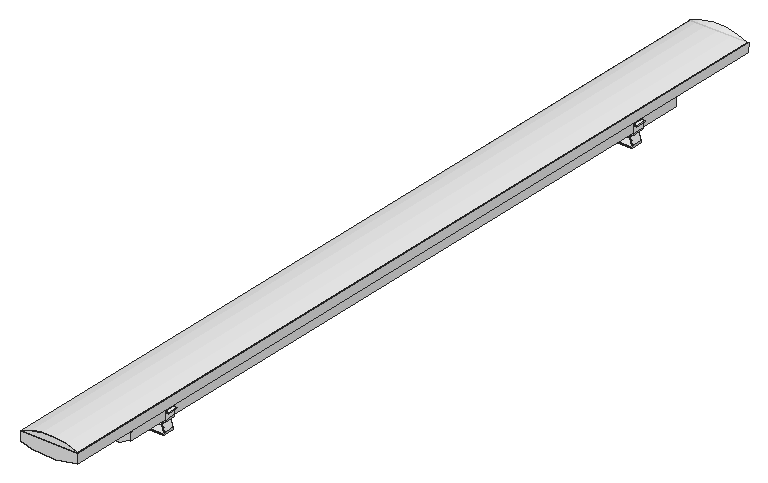
Revit family "Lighting-Industrial-GEWISS-SMART[3]PLUS-WATERTIGHT-LED_TRANSPARENT_MEDBEAM_1600mm", category Apparecchi per illuminazione, host Superficie, Revit 2019
Family settings
  Host = Superficie
  Quota connettore circolare = Usa diametro
  Tipo di parte = Normale
  Taglio con vuoti quando caricato = No
  Sorgente d'illuminazione = Sì
  Condiviso = No
  Punto di calcolo locali = No
Parameters (values of type "GWS3323AC957 - SMART3 PLUS 1600 T.W.DALI HE CONC 9 57")
  Working temperature = "-25 +50 °C"
  Weight (kg): = ""
  Wattage = 27 W
  Warranty = "5 years"
  Voltage = "220-240 V "
  Visibilità simbolo [instance] = yes
  Visibilità pianta [instance] = not(Visibilità simbolo)  # no
  Visibilità etichetta [instance] = yes
  Version file RFA = "20.0"
  Variazione temperatura colore lampada con luminosità attenuata = (empty or 0)
  URL = "https://www.gewiss.com/ww/en"
  Typology = "DALI"
  Type of light source = "LED - Not replaceable"
  Technical sheet = "https://www.gewiss.com/ww/en/search?q=GWS3323AC957"
  System power = "50 W"
  Shock resistance = "IK08"
  Shield type = "Transparent"
  SEO = "Ceiling"
  Realized by GEWISS S.p.A. = ""
  Operating temperature: = "-25 +50 °C"
  Numero poli = 2
  built-in parameter 1150107 = 5700 (stored number, unit not read)
  Struttura = GRIGIO
  Stampa 1_200 = no
  Stampa 1_100 = not(Stampa 1_200)  # yes
  Spostamento_Y_etichetta [instance] = 0 mm
  Spostamento_Y_effettivo_etichetta [instance] = 1500 mm - Spostamento_Y_etichetta  # 1500 mm
  Spostamento_X_etichetta [instance] = 0 mm
  Spostamento_X_effettivo_etichetta [instance] = 1500 mm - Spostamento_X_etichetta  # 1500 mm
  Schermo. = Led Acceso
  Default Elevation = 1219.2 mm
  Produttore = "GEWISS S.p.A."
  built-in parameter 1150110 = 1 (stored number, unit not read)
  built-in parameter 1150109 = 1 (stored number, unit not read)
  built-in parameter 1114218 = 1 (stored number, unit not read)
  built-in parameter 1150112 = 1 (stored number, unit not read)
  Nominal flux (lm) = ""
  No. LED (#) = ""
  Modello = "GWS3323AC957"
  built-in parameter 1150137 = (empty or 0)
  built-in parameter 1150132 = (empty or 0)
  Lunghezza Lampada = 1600 mm  # constant formula
  Lumen output (lm) = "5600"
  Length = "1600 mm"
  Lampada = "LED"
  Lamp = "LED"
  LED LifeTime (L80B20) = ""
  LED Life time (L80B50) = ""
  LED Life time (L70) = ""
  LED Life Time (L90B50) = ""
  built-in parameter 1150105 = 1406.7 (stored number, unit not read)
  built-in parameter 1150102 = (empty or 0)
  Insulation class = "II"
  Immagine tipo = GWS3280TS.jpg
  built-in parameter 1150106 = 14.067 (stored number, unit not read)
  IP degree = "IP66/IP69"
  IFC.TypeObject = ""
  IFC.ExportType = ""
  IFC.ExportAs = ""
  IDT = "fe96ae85-68db-4e0d-8c9b-145f0d7eb605"
  IDF = "c62d0f5f-3b46-4599-86a8-f38eb5caca3c"
  Glow Wire Test = "850°C"
  Ganci = Alluminio
  Lumens = 4010.63 lm
  Color Filter = 16777215
  File diagramma fotometrico = "GWS3323AC957.IES"
  built-in parameter 1114217 = 1 (stored number, unit not read)
  built-in parameter 1150139 = (empty or 0)
  Failure rate apparecchio (50.000h, Tq=25Â° C) = ""
  Failure rate apparecchio (35.000h, Tq=35Â° C) = ""
  Emetti da lunghezza linea = 1200 mm
  Electrocod = "2434"
  Efficiency class of integrated LEDs = "A ÷ A++"
  built-in parameter 1150104 = 13.8 (stored number, unit not read)
  EAN code = ""
  Driver type = ""
  built-in parameter 1150115 = 1 (stored number, unit not read)
  built-in parameter 1150114 = 1 (stored number, unit not read)
  built-in parameter 1150113 = 1 (stored number, unit not read)
  Device with reduced surface temperature = ""
  Descrizione = "SMART3 PLUS 1600 T.W.DALI HE CONC 9 57"
  Commenti sul wattaggio = "67W"
  Colour temperature: = "5700 K (CRI > 90)"
  Colour temperature = "5700 K (CRI > 90)"
  built-in parameter 1150134 = (empty or 0)
  built-in parameter 1150138 = (empty or 0)
  Catalogue Range = "SMART[3] PLUS"
  Catalogue = "LIGHTING"
  Carico apparente = 67 VA
  COBie.Tagnumber = ""
  COBie.CreatedOn = ""
  COBie.CreatebBy = ""
  COBie.ComponentRegisterItemID = ""
  COBie.Component.TagNumber = ""
  COBie.Component.Space = ""
  COBie.Component.SerialNumber = ""
  COBie.Component.InstallationDate = ""
  COBie.Component.Description = ""
  COBie.Component.BarCode = ""
  Application = "Indoor"
  Tilt Angle = -90.00°
  built-in parameter 1150133 = 10 (stored number, unit not read)
Types (24, lengths in mm): name | Typology | Technical sheet | System power | Modello | Lumen output (lm) | Immagine tipo | IDT | File diagramma fotometrico | Descrizione | Commenti sul wattaggio | Colour temperature: | Colour temperature | Carico apparente
  GWS3320AC840 - SMART3 PLUS 1600 ON/OFF HE CONC 8 40 | "" | "https://www.gewiss.com/ww/en/search?q=GWS3320AC840" | "46 W" | "GWS3320AC840" | "7100" | GWS3158T.jpg | "4e16074b-60fb-4690-891f-0d0e9b82759d" | "GWS3320AC840.IES" | "SMART3 PLUS 1600 ON/OFF HE CONC 8 40" | "26W" | "4000 K (CRI > 80)" | "4000 K (CRI > 80)" | 26 VA
  GWS3320AC857 - SMART3 PLUS 1600 ON/OFF HE CONC 8 57 | "" | "https://www.gewiss.com/ww/en/search?q=GWS3320AC857" | "46 W" | "GWS3320AC857" | "7100" | GWS3158T30K.jpg | "1bf7ec6a-44c7-4c5d-ba53-e58595a32ed7" | "GWS3320AC857.IES" | "SMART3 PLUS 1600 ON/OFF HE CONC 8 57" | "26W" | "5700 K (CRI > 80)" | "5700 K (CRI > 80)" | 26 VA
  GWS3320AC930 - SMART3 PLUS 1600 ON/OFF HE CONC 9 30 | "" | "https://www.gewiss.com/ww/en/search?q=GWS3320AC930" | "46 W" | "GWS3320AC930" | "5200" | GWS3158T57K.jpg | "23f2d587-7158-4430-a323-84fc0576cf1a" | "GWS3320AC930.IES" | "SMART3 PLUS 1600 ON/OFF HE CONC 9 30" | "26W" | "3000 K (CRI > 90)" | "3000 K (CRI > 90)" | 26 VA
  GWS3321AC940 - SMART3 PLUS 1600 DALI HE CONC 9 40 | "DALI" | "https://www.gewiss.com/ww/en/search?q=GWS3321AC940" | "50 W" | "GWS3321AC940" | "5600" | GWS3258T.jpg | "b3f93086-f2e0-4f74-b864-423c59267282" | "GWS3321AC940.IES" | "SMART3 PLUS 1600 DALI HE CONC 9 40" | "53W" | "4000 K (CRI > 90)" | "4000 K (CRI > 90)" | 53 VA
  GWS3321AC957 - SMART3 PLUS 1600 DALI HE CONC 9 57 | "DALI" | "https://www.gewiss.com/ww/en/search?q=GWS3321AC957" | "50 W" | "GWS3321AC957" | "5600" | GWS3258T30K.jpg | "823e744c-6d69-4963-9b1a-c0a7402dbd61" | "GWS3321AC957.IES" | "SMART3 PLUS 1600 DALI HE CONC 9 57" | "53W" | "5700 K (CRI > 90)" | "5700 K (CRI > 90)" | 53 VA
  GWS3322AC830 - SMART3 PLUS 1600 T.W.ON/OFF HE CONC 8 30 | "" | "https://www.gewiss.com/ww/en/search?q=GWS3322AC830" | "46 W" | "GWS3322AC830" | "6700" | GWS3258T57K.jpg | "1233350b-b1fb-4b20-afc7-75da49a887a7" | "GWS3322AC830.IES" | "SMART3 PLUS 1600 T.W.ON/OFF HE CONC 8 30" | "53W" | "3000 K (CRI > 80)" | "3000 K (CRI > 80)" | 53 VA
  GWS3320AC830 - SMART3 PLUS 1600 ON/OFF HE CONC 8 30 | "" | "https://www.gewiss.com/ww/en/search?q=GWS3320AC830" | "46 W" | "GWS3320AC830" | "6700" | GWS3158TD30K.jpg | "f4536279-1bcf-4009-b004-c63c99821f52" | "GWS3320AC830.IES" | "SMART3 PLUS 1600 ON/OFF HE CONC 8 30" | "27W" | "3000 K (CRI > 80)" | "3000 K (CRI > 80)" | 27 VA
  GWS3320AC940 - SMART3 PLUS 1600 ON/OFF HE CONC 9 40 | "" | "https://www.gewiss.com/ww/en/search?q=GWS3320AC940" | "46 W" | "GWS3320AC940" | "5600" | GWS3158TD57K.jpg | "98d6cfbe-c4a6-4467-b266-d8ce91186416" | "GWS3320AC940.IES" | "SMART3 PLUS 1600 ON/OFF HE CONC 9 40" | "27W" | "4000 K (CRI > 90)" | "4000 K (CRI > 90)" | 27 VA
  GWS3320AC957 - SMART3 PLUS 1600 ON/OFF HE CONC 9 57 | "" | "https://www.gewiss.com/ww/en/search?q=GWS3320AC957" | "46 W" | "GWS3320AC957" | "5600" | GWS3158TL.jpg | "705f1d17-92fb-441e-82f4-367028547a17" | "GWS3320AC957.IES" | "SMART3 PLUS 1600 ON/OFF HE CONC 9 57" | "26W" | "5700 K (CRI > 90)" | "5700 K (CRI > 90)" | 26 VA
  GWS3321AC830 - SMART3 PLUS 1600 DALI HE CONC 8 30 | "DALI" | "https://www.gewiss.com/ww/en/search?q=GWS3321AC830" | "50 W" | "GWS3321AC830" | "6700" | GWS3158TL30K.jpg | "30e943eb-e46e-49db-b2c9-d91c92d65eef" | "GWS3321AC830.IES" | "SMART3 PLUS 1600 DALI HE CONC 8 30" | "26W" | "3000 K (CRI > 80)" | "3000 K (CRI > 80)" | 26 VA
  GWS3321AC840 - SMART3 PLUS 1600 DALI HE CONC 8 40 | "DALI" | "https://www.gewiss.com/ww/en/search?q=GWS3321AC840" | "50 W" | "GWS3321AC840" | "7100" | GWS3158TL57K.jpg | "f243e9e6-84c5-4744-819b-73345a161741" | "GWS3321AC840.IES" | "SMART3 PLUS 1600 DALI HE CONC 8 40" | "26W" | "4000 K (CRI > 80)" | "4000 K (CRI > 80)" | 26 VA
  GWS3321AC857 - SMART3 PLUS 1600 DALI HE CONC 8 57 | "DALI" | "https://www.gewiss.com/ww/en/search?q=GWS3321AC857" | "50 W" | "GWS3321AC857" | "7100" | GWS3158TLD30K.jpg | "f6e276b5-1a50-4d90-8035-20a7eceaa9a5" | "GWS3321AC857.IES" | "SMART3 PLUS 1600 DALI HE CONC 8 57" | "27W" | "5700 K (CRI > 80)" | "5700 K (CRI > 80)" | 27 VA
  GWS3321AC930 - SMART3 PLUS 1600 DALI HE CONC 9 30 | "DALI" | "https://www.gewiss.com/ww/en/search?q=GWS3321AC930" | "50 W" | "GWS3321AC930" | "5200" | GWS3158TLD57K.jpg | "f82b7efc-87bb-4fb3-bee2-7bb052999ee6" | "GWS3321AC930.IES" | "SMART3 PLUS 1600 DALI HE CONC 9 30" | "27W" | "3000 K (CRI > 90)" | "3000 K (CRI > 90)" | 27 VA
  GWS3322AC840 - SMART3 PLUS 1600 T.W.ON/OFF HE CONC 8 40 | "" | "https://www.gewiss.com/ww/en/search?q=GWS3322AC840" | "46 W" | "GWS3322AC840" | "7100" | GWS3258TD.jpg | "be14488f-855e-4818-86ca-65e7f73571af" | "GWS3322AC840.IES" | "SMART3 PLUS 1600 T.W.ON/OFF HE CONC 8 40" | "55W" | "4000 K (CRI > 80)" | "4000 K (CRI > 80)" | 55 VA
  GWS3322AC857 - SMART3 PLUS 1600 T.W.ON/OFF HE CONC 8 57 | "" | "https://www.gewiss.com/ww/en/search?q=GWS3322AC857" | "46 W" | "GWS3322AC857" | "7100" | GWS3258T30K.jpg | "9414476c-6529-4531-8c29-bc4b5b113ca3" | "GWS3322AC857.IES" | "SMART3 PLUS 1600 T.W.ON/OFF HE CONC 8 57" | "55W" | "5700 K (CRI > 80)" | "5700 K (CRI > 80)" | 55 VA
  GWS3322AC930 - SMART3 PLUS 1600 T.W.ON/OFF HE CONC 9 30 | "" | "https://www.gewiss.com/ww/en/search?q=GWS3322AC930" | "46 W" | "GWS3322AC930" | "5200" | GWS3258TD57K.jpg | "c36ab153-bb7c-4d35-8056-4b9748bd378a" | "GWS3322AC930.IES" | "SMART3 PLUS 1600 T.W.ON/OFF HE CONC 9 30" | "55W" | "3000 K (CRI > 90)" | "3000 K (CRI > 90)" | 55 VA
  GWS3322AC940 - SMART3 PLUS 1600 T.W.ON/OFF HE CONC 9 40 | "" | "https://www.gewiss.com/ww/en/search?q=GWS3322AC940" | "46 W" | "GWS3322AC940" | "5600" | GWS3258TL.jpg | "e207dd90-b96c-4722-bafa-51740af9791e" | "GWS3322AC940.IES" | "SMART3 PLUS 1600 T.W.ON/OFF HE CONC 9 40" | "53W" | "4000 K (CRI > 90)" | "4000 K (CRI > 90)" | 53 VA
  GWS3322AC957 - SMART3 PLUS 1600 T.W.ON/OFF HE CONC 9 57 | "" | "https://www.gewiss.com/ww/en/search?q=GWS3322AC957" | "46 W" | "GWS3322AC957" | "5600" | GWS3258TL30K.jpg | "773f8e68-e5c0-40fc-bc8d-466515a8a829" | "GWS3322AC957.IES" | "SMART3 PLUS 1600 T.W.ON/OFF HE CONC 9 57" | "53W" | "5700 K (CRI > 90)" | "5700 K (CRI > 90)" | 53 VA
  GWS3323AC830 - SMART3 PLUS 1600 T.W.DALI HE CONC 8 30 | "DALI" | "https://www.gewiss.com/ww/en/search?q=GWS3323AC830" | "50 W" | "GWS3323AC830" | "6700" | GWS3258TL57K.jpg | "62626453-421f-4449-b479-211cf15c01fc" | "GWS3323AC830.IES" | "SMART3 PLUS 1600 T.W.DALI HE CONC 8 30" | "53W" | "3000 K (CRI > 80)" | "3000 K (CRI > 80)" | 53 VA
  GWS3323AC840 - SMART3 PLUS 1600 T.W.DALI HE CONC 8 40 | "DALI" | "https://www.gewiss.com/ww/en/search?q=GWS3323AC840" | "50 W" | "GWS3323AC840" | "7100" | GWS3258TLD.jpg | "0717f1f1-4297-4cd3-8cf5-39d9f5ccd41d" | "GWS3323AC840.IES" | "SMART3 PLUS 1600 T.W.DALI HE CONC 8 40" | "55W" | "4000 K (CRI > 80)" | "4000 K (CRI > 80)" | 55 VA
  GWS3323AC857 - SMART3 PLUS 1600 T.W.DALI HE CONC 8 57 | "DALI" | "https://www.gewiss.com/ww/en/search?q=GWS3323AC857" | "50 W" | "GWS3323AC857" | "7100" | GWS3258TLD30K.jpg | "d92ed2e6-739f-4b50-8fb0-7e942a6f287a" | "GWS3323AC857.IES" | "SMART3 PLUS 1600 T.W.DALI HE CONC 8 57" | "55W" | "5700 K (CRI > 80)" | "5700 K (CRI > 80)" | 55 VA
  GWS3323AC930 - SMART3 PLUS 1600 T.W.DALI HE CONC 9 30 | "DALI" | "https://www.gewiss.com/ww/en/search?q=GWS3323AC930" | "50 W" | "GWS3323AC930" | "5200" | GWS3258TLD57K.jpg | "cd2abaf8-a74e-41aa-952f-931abff1497a" | "GWS3323AC930.IES" | "SMART3 PLUS 1600 T.W.DALI HE CONC 9 30" | "55W" | "3000 K (CRI > 90)" | "3000 K (CRI > 90)" | 55 VA
  GWS3323AC957 - SMART3 PLUS 1600 T.W.DALI HE CONC 9 57 | "DALI" | "https://www.gewiss.com/ww/en/search?q=GWS3323AC957" | "50 W" | "GWS3323AC957" | "5600" | GWS3280TS.jpg | "fe96ae85-68db-4e0d-8c9b-145f0d7eb605" | "GWS3323AC957.IES" | "SMART3 PLUS 1600 T.W.DALI HE CONC 9 57" | "67W" | "5700 K (CRI > 90)" | "5700 K (CRI > 90)" | 67 VA
  GWS3323AC940 - SMART3 PLUS 1600 T.W.DALI HE CONC 9 40 | "DALI" | "https://www.gewiss.com/ww/en/search?q=GWS3323AC940" | "50 W" | "GWS3323AC940" | "5600" | GWS3280TLS.jpg | "114261b1-8064-41c7-9b2b-b83ab15bb760" | "GWS3323AC940.IES" | "SMART3 PLUS 1600 T.W.DALI HE CONC 9 40" | "67W" | "4000 K (CRI > 90)" | "4000 K (CRI > 90)" | 67 VA
Reference planes
  plane 1 "Centro (Fronte/Retro)": y = 0
  plane 2: z = 0
  plane 3 "Centro (Sinistra/Destra)": x = 0
  plane 4: x = -1500
  plane 5: y = -1500
  plane 6: x = 0
  plane 7: y = 0
Forms (mm)
  Extrusion 1, solid, material "Alluminio" <- "Ganci", detail levels medium+fine
    sketch origin (0, 0, 0) x (1, 0, 0) y (0, 0, 1)
      loop
        arc (31.431, -0.002) -> (34.576, 1.589) -> (35.156, 5.066) r 3.903
        line (35.156, 5.066) -> (29.612, 23.211)
        arc (29.612, 23.211) -> (29.883, 24.381) -> (31.032, 24.73) r 1.2
        line (31.032, 24.73) -> (34.307, 23.974)
        arc (34.307, 23.974) -> (36.765, 24.53) -> (37.859, 26.8) r 2.9
        line (37.859, 26.8) -> (37.859, 38.8)
        arc (37.859, 38.8) -> (37.648, 39.694) -> (37.059, 40.4) r 2
        line (37.059, 40.4) -> (37.059, 42.71) -> (42.861, 40.598) -> (43.203, 41.538) -> (37.53, 43.603)
        arc (37.53, 43.603) -> (37.019, 43.613) -> (36.605, 43.311) r 0.8
        line (36.605, 43.311) -> (36.306, 26.139)
        arc (36.306, 26.139) -> (35.6, 25.444) -> (34.616, 25.34) r 1.5
        line (34.616, 25.34) -> (31.344, 26.095)
        arc (31.344, 26.095) -> (28.858, 25.335) -> (28.273, 22.802) r 2.6
        line (28.273, 22.802) -> (33.827, 4.636)
        arc (33.827, 4.636) -> (33.449, 2.415) -> (31.438, 1.4) r 2.5
        line (31.438, 1.4) -> (-31.437, 1.4)
        arc (-31.437, 1.4) -> (-33.449, 2.415) -> (-33.827, 4.636) r 2.5
        line (-33.827, 4.636) -> (-28.273, 22.802)
        arc (-28.273, 22.802) -> (-28.858, 25.335) -> (-31.344, 26.095) r 2.6
        line (-31.344, 26.095) -> (-34.616, 25.34)
        arc (-34.616, 25.34) -> (-35.6, 25.444) -> (-36.306, 26.139) r 1.5
        line (-36.306, 26.139) -> (-36.605, 43.311)
        arc (-36.605, 43.311) -> (-37.019, 43.613) -> (-37.53, 43.603) r 0.8
        line (-37.53, 43.603) -> (-43.203, 41.538) -> (-42.861, 40.598) -> (-37.059, 42.71) -> (-37.059, 40.4)
        arc (-37.059, 40.4) -> (-37.648, 39.694) -> (-37.859, 38.8) r 2
        line (-37.859, 38.8) -> (-37.859, 26.8)
        arc (-37.859, 26.8) -> (-36.765, 24.53) -> (-34.307, 23.974) r 2.9
        line (-34.307, 23.974) -> (-31.032, 24.73)
        arc (-31.032, 24.73) -> (-29.883, 24.381) -> (-29.612, 23.211) r 1.2
        line (-29.612, 23.211) -> (-35.156, 5.066)
        arc (-35.156, 5.066) -> (-34.576, 1.589) -> (-31.431, -0.002) r 3.903
        line (-31.431, -0.002) -> (31.431, -0.002)
    from 548.766 to 568.766
  Extrusion 2, solid, material "Alluminio" <- "Ganci", detail levels medium+fine
    sketch origin (0, 0, 0) x (1, 0, 0) y (0, 0, -1)
      loop
        line (31.431, 0.002) -> (-31.431, 0.002)
        arc (-31.431, 0.002) -> (-34.576, -1.589) -> (-35.156, -5.066) r 3.903
        line (-35.156, -5.066) -> (-29.612, -23.211)
        arc (-29.612, -23.211) -> (-29.883, -24.381) -> (-31.032, -24.73) r 1.2
        line (-31.032, -24.73) -> (-34.307, -23.974)
        arc (-34.307, -23.974) -> (-36.765, -24.53) -> (-37.859, -26.8) r 2.9
        line (-37.859, -26.8) -> (-37.859, -38.8)
        arc (-37.859, -38.8) -> (-37.648, -39.694) -> (-37.059, -40.4) r 2
        line (-37.059, -40.4) -> (-37.059, -42.71) -> (-42.861, -40.598) -> (-43.203, -41.538) -> (-37.53, -43.603)
        arc (-37.53, -43.603) -> (-37.019, -43.613) -> (-36.605, -43.311) r 0.8
        line (-36.605, -43.311) -> (-36.306, -26.139)
        arc (-36.306, -26.139) -> (-35.6, -25.444) -> (-34.616, -25.34) r 1.5
        line (-34.616, -25.34) -> (-31.344, -26.095)
        arc (-31.344, -26.095) -> (-28.858, -25.335) -> (-28.273, -22.802) r 2.6
        line (-28.273, -22.802) -> (-33.827, -4.636)
        arc (-33.827, -4.636) -> (-33.449, -2.415) -> (-31.437, -1.4) r 2.5
        line (-31.437, -1.4) -> (31.438, -1.4)
        arc (31.438, -1.4) -> (33.449, -2.415) -> (33.827, -4.636) r 2.5
        line (33.827, -4.636) -> (28.273, -22.802)
        arc (28.273, -22.802) -> (28.858, -25.335) -> (31.344, -26.095) r 2.6
        line (31.344, -26.095) -> (34.616, -25.34)
        arc (34.616, -25.34) -> (35.6, -25.444) -> (36.306, -26.139) r 1.5
        line (36.306, -26.139) -> (36.605, -43.311)
        arc (36.605, -43.311) -> (37.019, -43.613) -> (37.53, -43.603) r 0.8
        line (37.53, -43.603) -> (43.203, -41.538) -> (42.861, -40.598) -> (37.059, -42.71) -> (37.059, -40.4)
        arc (37.059, -40.4) -> (37.648, -39.694) -> (37.859, -38.8) r 2
        line (37.859, -38.8) -> (37.859, -26.8)
        arc (37.859, -26.8) -> (36.765, -24.53) -> (34.307, -23.974) r 2.9
        line (34.307, -23.974) -> (31.032, -24.73)
        arc (31.032, -24.73) -> (29.883, -24.381) -> (29.612, -23.211) r 1.2
        line (29.612, -23.211) -> (35.156, -5.066)
        arc (35.156, -5.066) -> (34.576, -1.589) -> (31.431, 0.002) r 3.903
    from 548.766 to 568.766
  Extrusion 3, solid, material "GRIGIO" <- "Struttura", detail levels medium+fine
    sketch origin (0, 0, 0) x (1, 0, 0) y (0, 0, 1)
      loop
        line (-36.331, 55.757) -> (-35.847, 28.018)
        arc (-35.847, 28.018) -> (-33.139, 27.27) -> (-30.416, 26.58) r 129.5
        arc (-30.416, 26.58) -> (-28.066, 25.76) -> (-25.915, 24.506) r 13
        arc (-25.915, 24.506) -> (-24.23, 23.324) -> (-22.521, 22.178) r 99.5
        arc (-22.521, 22.178) -> (-16.401, 19.063) -> (-9.748, 17.365) r 31.146
        line (-9.748, 17.365) -> (12.491, 17.365)
        arc (12.491, 17.365) -> (17.822, 19.098) -> (22.764, 21.745) r 31.646
        arc (22.764, 21.745) -> (24.509, 22.915) -> (26.228, 24.122) r 100
        arc (26.228, 24.122) -> (28.283, 25.313) -> (30.525, 26.095) r 12.5
        arc (30.525, 26.095) -> (33.437, 26.834) -> (36.332, 27.64) r 130
        line (36.332, 27.64) -> (36.824, 55.851)
        arc (36.824, 55.851) -> (24.914, 53.937) -> (12.909, 52.764) r 195.047
        line (12.909, 52.764) -> (-12.909, 52.764)
        arc (-12.909, 52.764) -> (-24.665, 53.905) -> (-36.331, 55.757) r 195.047
    from -650 to 650
  Extrusion 4, solid, material "GRIGIO" <- "Struttura", detail levels medium+fine
    sketch origin (0, 0, 0) x (1, 0, 0) y (0, 0, 1)
      loop
        line (54.725, 60.184) -> (55.177, 77.445) -> (-55.177, 77.445) -> (-54.725, 60.184)
        arc (-54.725, 60.184) -> (-34.019, 55.332) -> (-12.909, 52.764) r 195.047
        line (-12.909, 52.764) -> (12.909, 52.764)
        arc (12.909, 52.764) -> (34.019, 55.332) -> (54.725, 60.184) r 195.047
    from -800 to 800
  Extrusion 5, solid, material "Led Acceso" <- "Schermo.", detail levels medium+fine
    sketch origin (0, 0, 0) x (1, 0, 0) y (0, 0, 1)
      loop
        arc (54.697, 78.441) -> (-0.014, 90.457) -> (-54.723, 78.429) r 130.5
        arc (-54.723, 78.429) -> (-54.988, 77.838) -> (-54.5, 77.445) r 0.5
        line (-54.5, 77.445) -> (54.479, 77.445)
        arc (54.479, 77.445) -> (54.988, 77.855) -> (54.697, 78.441) r 0.522
    from -800 to 800
  Extrusion 6, solid, material "GRIGIO" <- "Struttura", detail levels coarse
    sketch origin (0, 0, 0) x (1, 0, 0) y (0, 0, 1)
      loop
        line (-54.5, 90.439) -> (-54.5, 0) -> (54.5, 0) -> (54.5, 90.439) -> (-54.5, 90.439)
    from -800 to 800
Lines and regions (mm)
  Masking region 1, visible <- "Visibilità pianta"
    outline origin (0, 0, 0) x (1, 0, 0) y (0, 1, 0)
      loop
        line (-55.177, 800) -> (-55.177, -800) -> (55.177, -800) -> (55.177, 800) -> (-55.177, 800)
  model lines, style "GEWISS - LIGHT 2D", not visible, detail levels medium+fine
    curve 1: arc (599.156, 237.359, 0) -> (604.568, 231.947, 0) -> (609.98, 237.359, 0) r 5.412
    curve 6: arc (581.804, 237.359, 0) -> (582.83, 230.601, 0) -> (585.816, 224.453, 0) r 22.764
    curve 7: arc (623.32, 224.453, 0) -> (626.306, 230.601, 0) -> (627.332, 237.359, 0) r 22.764
    curve 8: arc (609.98, -154.35, 0) -> (604.568, -148.937, 0) -> (599.156, -154.35, 0) r 5.412
    curve 14: arc (585.816, -141.444, 0) -> (582.83, -147.592, 0) -> (581.804, -154.35, 0) r 22.764
    curve 15: arc (627.332, -154.35, 0) -> (626.306, -147.592, 0) -> (623.32, -141.444, 0) r 22.764
    curve 22: line (581.804, 248.502, 0) -> (581.804, 237.359, 0)
    curve 23: line (581.804, 237.359, 0) -> (599.156, 237.359, 0)
    curve 24: line (599.156, 237.359, 0) -> (599.156, 248.502, 0)
    curve 25: line (599.156, 256.809, 0) -> (599.156, 262.193, 0)
    curve 26: line (609.98, 248.502, 0) -> (609.98, 237.359, 0)
    curve 27: line (609.98, 237.359, 0) -> (627.332, 237.359, 0)
    curve 28: line (627.332, 237.359, 0) -> (627.332, 248.502, 0)
    curve 39: line (581.804, -154.35, 0) -> (581.804, -165.498, 0)
    curve 40: line (581.804, -165.498, 0) -> (581.804, -154.35, 0)
    curve 41: line (581.804, -154.35, 0) -> (599.156, -154.35, 0)
    curve 42: line (599.156, -154.35, 0) -> (599.156, -165.498, 0)
    curve 43: line (609.98, -165.498, 0) -> (609.98, -154.35, 0)
    curve 44: line (609.98, -154.35, 0) -> (627.332, -154.35, 0)
    curve 45: line (627.332, -154.35, 0) -> (627.332, -165.498, 0)
    curve 46: line (627.332, -165.498, 0) -> (627.332, -154.35, 0)
    curve 47: line (609.98, -179.249, 0) -> (609.98, -173.749, 0)
    curve 50: line (599.156, -179.191, 0) -> (599.156, -173.807, 0)
    curve 94: circle (617.836, 259.501, 0) r 1.5 normal (0, 0, 1)
    curve 95: circle (591.836, 259.501, 0) r 1.5 normal (0, 0, 1)
    curve 96: arc (610.218, 256.751, 0) -> (612.968, 259.501, 0) -> (610.218, 262.251, 0) r 2.75
    curve 97: arc (599.718, 262.251, 0) -> (596.968, 259.501, 0) -> (599.718, 256.751, 0) r 2.75
    curve 102: circle (617.836, -176.499, 0) r 1.5 normal (0, 0, 1)
    curve 103: circle (591.836, -176.499, 0) r 1.5 normal (0, 0, 1)
    curve 104: arc (610.218, -179.249, 0) -> (612.968, -176.499, 0) -> (610.218, -173.749, 0) r 2.75
    curve 105: arc (599.718, -173.749, 0) -> (596.968, -176.499, 0) -> (599.718, -179.249, 0) r 2.75
    curve 184: line (599.718, 262.251, 0) -> (610.218, 262.251, 0)
    curve 185: line (599.718, 256.751, 0) -> (610.218, 256.751, 0)
    curve 194: line (599.718, -173.749, 0) -> (610.218, -173.749, 0)
    curve 195: line (599.718, -179.249, 0) -> (610.218, -179.249, 0)
    curve 214: line (604.568, 230.323, 0) -> (604.568, 244.394, 0)
    curve 215: line (611.603, 237.359, 0) -> (597.532, 237.359, 0)
    curve 216: line (604.568, -161.385, 0) -> (604.568, -147.314, 0)
    curve 217: line (611.603, -154.35, 0) -> (597.532, -154.35, 0)
    curve 223: line (617.836, 257.551, 0) -> (617.836, 261.451, 0)
    curve 224: line (619.786, 259.501, 0) -> (615.886, 259.501, 0)
    curve 225: line (591.836, 257.551, 0) -> (591.836, 261.451, 0)
    curve 226: line (593.786, 259.501, 0) -> (589.886, 259.501, 0)
    curve 227: line (603.293, 259.501, 0) -> (596.143, 259.501, 0)
    curve 228: line (610.218, 255.926, 0) -> (610.218, 263.076, 0)
    curve 229: line (613.793, 259.501, 0) -> (606.643, 259.501, 0)
    curve 230: line (617.836, -178.449, 0) -> (617.836, -174.549, 0)
    curve 231: line (619.786, -176.499, 0) -> (615.886, -176.499, 0)
    curve 232: line (591.836, -178.449, 0) -> (591.836, -174.549, 0)
    curve 233: line (593.786, -176.499, 0) -> (589.886, -176.499, 0)
    curve 234: line (599.718, -180.074, 0) -> (599.718, -172.924, 0)
    curve 235: line (603.293, -176.499, 0) -> (596.143, -176.499, 0)
    curve 236: line (610.218, -180.074, 0) -> (610.218, -172.924, 0)
    curve 237: line (613.793, -176.499, 0) -> (606.643, -176.499, 0)
    curve 238: arc (585.816, 224.453, 0) -> (604.568, 218.168, 0) -> (623.32, 224.453, 0) r 31.118
    curve 239: arc (623.32, -141.444, 0) -> (604.568, -135.159, 0) -> (585.816, -141.444, 0) r 31.118
  model lines, style "GEWISS - LIGHT 2D", not visible
    curve 2: arc (642.177, 315.223, 0) -> (641.755, 316.267, 0) -> (640.725, 316.723, 0) r 1.499
    curve 3: arc (640.726, -233.714, 0) -> (641.755, -233.258, 0) -> (642.177, -232.214, 0) r 1.499
    curve 4: arc (568.41, 316.723, 0) -> (567.381, 316.267, 0) -> (566.959, 315.223, 0) r 1.499
    curve 5: arc (566.959, -232.214, 0) -> (567.38, -233.258, 0) -> (568.409, -233.714, 0) r 1.499
    curve 16: line (568.41, 316.723, 0) -> (592.409, 317.119, 0)
    curve 17: line (592.409, 317.119, 0) -> (595.819, 317.196, 0)
    curve 18: line (595.819, 317.196, 0) -> (604.587, 317.348, 0)
    curve 19: line (604.587, 317.348, 0) -> (613.319, 317.196, 0)
    curve 20: line (613.319, 317.196, 0) -> (616.729, 317.119, 0)
    curve 21: line (616.729, 317.119, 0) -> (640.725, 316.723, 0)
    curve 29: line (568.409, -233.714, 0) -> (604.582, -234.348, 0)
    curve 30: line (604.582, -234.348, 0) -> (640.726, -233.714, 0)
    curve 31: line (642.177, -187.498, 0) -> (642.177, -232.214, 0)
    curve 32: line (642.177, 248.502, 0) -> (642.177, -165.498, 0)
    curve 33: line (642.177, 315.223, 0) -> (642.177, 270.502, 0)
    curve 34: line (566.959, 315.223, 0) -> (566.959, 270.502, 0)
    curve 35: line (566.959, 248.502, 0) -> (566.959, -165.498, 0)
    curve 36: line (566.959, -187.498, 0) -> (566.959, -232.214, 0)
    curve 37: line (604.549, -234.347, 0) -> (604.569, -233.348, 0)
    curve 38: line (604.569, -233.348, 0) -> (604.549, -234.347, 0)
    curve 48: line (609.989, -233.253, 0) -> (609.98, -232.753, 0)
    curve 49: line (609.98, -232.753, 0) -> (609.98, -187.498, 0)
    curve 51: line (599.147, -233.253, 0) -> (599.156, -232.753, 0)
    curve 52: line (599.156, -232.753, 0) -> (599.156, -187.498, 0)
    curve 53: line (604.568, -232.848, 0) -> (604.569, -233.348, 0)
    curve 54: line (604.569, -233.348, 0) -> (604.568, -232.848, 0)
    curve 69: arc (658.224, 441.447, 0) -> (657.902, 441.529, 0) -> (657.571, 441.558, 0) r 1.999
    curve 71: arc (659.744, 439.503, 0) -> (659.172, 440.906, 0) -> (657.781, 441.505, 0) r 1.998
    curve 72: arc (549.391, -356.494, 0) -> (549.963, -357.897, 0) -> (551.356, -358.495, 0) r 1.998
    curve 98: spline (648.539, 268.506, 0) -> (648.523, 268.767, 0) -> (648.475, 269.023, 0) -> (648.396, 269.27, 0) -> (648.287, 269.504, 0) -> (648.151, 269.721, 0) -> (647.989, 269.918, 0) -> (647.804, 270.09, 0) -> (647.599, 270.235, 0) -> (647.379, 270.35, 0) -> (647.146, 270.434, 0) -> (646.905, 270.485, 0) -> (646.66, 270.502, 0)
    curve 99: spline (646.66, 248.502, 0) -> (646.905, 248.519, 0) -> (647.146, 248.57, 0) -> (647.379, 248.654, 0) -> (647.599, 248.77, 0) -> (647.804, 248.916, 0) -> (647.989, 249.089, 0) -> (648.151, 249.286, 0) -> (648.287, 249.504, 0) -> (648.396, 249.739, 0) -> (648.475, 249.987, 0) -> (648.523, 250.245, 0) -> (648.539, 250.506, 0)
    curve 100: spline (561.397, 250.501, 0) -> (561.413, 250.24, 0) -> (561.461, 249.984, 0) -> (561.54, 249.736, 0) -> (561.648, 249.502, 0) -> (561.785, 249.284, 0) -> (561.947, 249.087, 0) -> (562.132, 248.915, 0) -> (562.336, 248.77, 0) -> (562.557, 248.654, 0) -> (562.79, 248.57, 0) -> (563.031, 248.519, 0) -> (563.276, 248.502, 0)
    curve 101: spline (563.276, 270.502, 0) -> (563.031, 270.485, 0) -> (562.79, 270.434, 0) -> (562.557, 270.35, 0) -> (562.336, 270.234, 0) -> (562.132, 270.089, 0) -> (561.947, 269.916, 0) -> (561.785, 269.72, 0) -> (561.648, 269.502, 0) -> (561.54, 269.267, 0) -> (561.461, 269.019, 0) -> (561.413, 268.763, 0) -> (561.397, 268.502, 0)
    curve 106: spline (648.539, -167.494, 0) -> (648.523, -167.233, 0) -> (648.475, -166.977, 0) -> (648.396, -166.73, 0) -> (648.287, -166.496, 0) -> (648.151, -166.279, 0) -> (647.989, -166.083, 0) -> (647.804, -165.911, 0) -> (647.599, -165.766, 0) -> (647.379, -165.65, 0) -> (647.146, -165.566, 0) -> (646.905, -165.515, 0) -> (646.66, -165.498, 0)
    curve 107: spline (646.66, -187.498, 0) -> (646.905, -187.481, 0) -> (647.146, -187.43, 0) -> (647.379, -187.346, 0) -> (647.599, -187.23, 0) -> (647.804, -187.084, 0) -> (647.989, -186.911, 0) -> (648.151, -186.714, 0) -> (648.287, -186.496, 0) -> (648.396, -186.261, 0) -> (648.475, -186.012, 0) -> (648.523, -185.755, 0) -> (648.539, -185.494, 0)
    curve 108: spline (561.397, -185.499, 0) -> (561.413, -185.76, 0) -> (561.461, -186.016, 0) -> (561.54, -186.264, 0) -> (561.648, -186.498, 0) -> (561.785, -186.716, 0) -> (561.947, -186.912, 0) -> (562.132, -187.085, 0) -> (562.336, -187.23, 0) -> (562.557, -187.346, 0) -> (562.79, -187.43, 0) -> (563.031, -187.481, 0) -> (563.276, -187.498, 0)
    curve 109: spline (563.276, -165.498, 0) -> (563.031, -165.516, 0) -> (562.79, -165.567, 0) -> (562.557, -165.651, 0) -> (562.336, -165.766, 0) -> (562.132, -165.912, 0) -> (561.947, -166.084, 0) -> (561.785, -166.281, 0) -> (561.648, -166.499, 0) -> (561.54, -166.733, 0) -> (561.461, -166.981, 0) -> (561.413, -167.238, 0) -> (561.397, -167.499, 0)
    curve 110: arc (657.245, -358.546, 0) -> (659.012, -357.814, 0) -> (659.745, -356.046, 0) r 2.5
    curve 111: arc (551.891, 441.558, 0) -> (550.123, 440.825, 0) -> (549.391, 439.058, 0) r 2.5
    curve 142: line (657.571, 441.558, 0) -> (604.567, 441.558, 0)
    curve 143: line (604.567, 441.558, 0) -> (551.891, 441.558, 0)
    curve 144: line (551.356, -358.495, 0) -> (604.568, -358.495, 0)
    curve 145: line (604.568, -358.495, 0) -> (657.245, -358.495, 0)
    curve 157: line (599.147, -233.253, 0) -> (604.569, -233.348, 0)
    curve 158: line (604.569, -233.348, 0) -> (609.989, -233.253, 0)
    curve 159: line (659.745, -356.046, 0) -> (659.745, 439.503, 0)
    curve 160: line (657.781, 441.505, 0) -> (604.567, 441.505, 0)
    curve 161: line (549.391, -356.494, 0) -> (549.391, 439.058, 0)
    curve 186: line (642.696, 270.501, 0) -> (642.427, 270.501, 0)
    curve 187: line (563.481, 270.502, 0) -> (563.276, 270.502, 0)
    curve 188: line (563.276, 270.502, 0) -> (646.454, 270.502, 0)
    curve 189: line (646.454, 270.502, 0) -> (646.66, 270.502, 0)
    curve 190: line (563.481, 248.502, 0) -> (563.276, 248.502, 0)
    curve 191: line (646.454, 248.502, 0) -> (646.66, 248.502, 0)
    curve 192: line (648.539, 250.506, 0) -> (648.539, 268.506, 0)
    curve 193: line (561.397, 250.501, 0) -> (561.397, 268.501, 0)
    curve 196: line (646.66, -165.498, 0) -> (646.454, -165.498, 0)
    curve 197: line (646.454, -165.498, 0) -> (642.696, -165.498, 0)
    curve 198: line (642.696, -165.498, 0) -> (642.427, -165.498, 0)
    curve 199: line (642.427, -165.498, 0) -> (639.905, -165.498, 0)
    curve 200: line (639.905, -165.498, 0) -> (636.805, -165.498, 0)
    curve 201: line (636.805, -165.498, 0) -> (573.13, -165.498, 0)
    curve 202: line (573.13, -165.498, 0) -> (570.031, -165.498, 0)
    curve 203: line (570.031, -165.498, 0) -> (567.508, -165.498, 0)
    curve 204: line (567.508, -165.498, 0) -> (567.24, -165.498, 0)
    curve 205: line (567.24, -165.498, 0) -> (563.481, -165.498, 0)
    curve 206: line (563.481, -165.498, 0) -> (563.276, -165.498, 0)
    curve 207: line (563.276, -187.498, 0) -> (563.481, -187.498, 0)
    curve 208: line (563.481, -187.498, 0) -> (646.454, -187.498, 0)
    curve 209: line (646.454, -187.498, 0) -> (646.66, -187.498, 0)
    curve 210: line (642.696, -187.499, 0) -> (642.427, -187.499, 0)
    curve 211: line (648.539, -185.494, 0) -> (648.539, -167.494, 0)
    curve 212: line (561.397, -185.499, 0) -> (561.397, -167.499, 0)
    curve 219: line (604.569, 276.529, 0) -> (604.569, -193.52, 0)
    curve 240: line (646.454, 248.502, 0) -> (563.276, 248.502, 0)
  model lines, style "GEWISS - LIGHT 2D", not visible, detail levels fine
    curve 9: arc (621.884, 350.407, 0) -> (621.798, 350.225, 0) -> (621.768, 350.027, 0) r 0.678
    curve 10: arc (622.621, 351.453, 0) -> (622.246, 350.935, 0) -> (621.884, 350.407, 0) r 25.107
    curve 11: arc (623.611, 352.703, 0) -> (623.106, 352.086, 0) -> (622.621, 351.453, 0) r 25.491
    curve 12: arc (626.634, 356.042, 0) -> (625.055, 354.434, 0) -> (623.611, 352.703, 0) r 27.8
    curve 13: arc (628.933, 357.976, 0) -> (627.762, 357.034, 0) -> (626.634, 356.042, 0) r 34.286
    curve 55: line (595.819, 317.196, 0) -> (595.819, 331.194, 0)
    curve 56: line (595.819, 331.194, 0) -> (595.823, 331.698, 0)
    curve 57: line (613.319, 317.196, 0) -> (613.319, 331.194, 0)
    curve 58: line (613.319, 331.194, 0) -> (613.315, 331.698, 0)
    curve 59: line (601.188, 333.427, 0) -> (595.819, 333.381, 0)
    curve 60: line (595.819, 333.381, 0) -> (592.551, 333.351, 0)
    curve 61: line (621.768, 349.976, 0) -> (621.768, 349.703, 0)
    curve 62: line (618.568, 339.703, 0) -> (618.568, 340.003, 0)
    curve 63: line (618.568, 340.003, 0) -> (618.568, 349.403, 0)
    curve 64: line (618.568, 349.403, 0) -> (618.568, 349.703, 0)
    curve 65: line (626.634, 356.042, 0) -> (625.666, 357.327, 0)
    curve 66: line (625.666, 357.327, 0) -> (625.303, 357.809, 0)
    curve 67: arc (615.276, 335.364, 0) -> (616.055, 336.638, 0) -> (614.919, 337.608, 0) r 1.15
    curve 68: arc (594.228, 337.608, 0) -> (593.084, 336.643, 0) -> (593.862, 335.364, 0) r 1.15
    curve 70: arc (618.493, 319.316, 0) -> (619.321, 319.921, 0) -> (619.181, 320.937, 0) r 1
    curve 73: arc (592.532, 331.227, 0) -> (592.389, 331.582, 0) -> (592.037, 331.731, 0) r 0.5
    curve 74: arc (617.101, 331.731, 0) -> (616.749, 331.582, 0) -> (616.606, 331.227, 0) r 0.5
    curve 75: arc (617.805, 349.703, 0) -> (617.188, 349.635, 0) -> (616.597, 349.441, 0) r 3
    curve 76: arc (606.569, 342.058, 0) -> (605.632, 343.753, 0) -> (603.698, 343.859, 0) r 2
    curve 77: arc (599.084, 344.854, 0) -> (601.221, 343.569, 0) -> (603.698, 343.859, 0) r 3.86
    curve 78: arc (598.376, 346.791, 0) -> (598.558, 345.76, 0) -> (599.084, 344.854, 0) r 3
    curve 79: arc (605.757, 349.962, 0) -> (611.115, 348.406, 0) -> (616.597, 349.441, 0) r 12
    curve 80: arc (622.068, 349.403, 0) -> (621.98, 349.615, 0) -> (621.768, 349.703, 0) r 0.3
    curve 81: arc (620.003, 351.317, 0) -> (619.679, 350.57, 0) -> (619.569, 349.763, 0) r 3
    curve 82: arc (603.144, 334.726, 0) -> (600.795, 328.007, 0) -> (607.888, 327.419, 0) r 4.5
    curve 83: arc (603.144, 334.726, 0) -> (605.626, 336.549, 0) -> (606.569, 339.481, 0) r 5
    curve 84: arc (602.226, 350.998, 0) -> (599.524, 350.005, 0) -> (598.376, 347.367, 0) r 3.66
    curve 85: arc (605.757, 349.962, 0) -> (604.052, 350.686, 0) -> (602.226, 350.998, 0) r 8
    curve 86: arc (621.772, 339.703, 0) -> (621.999, 339.807, 0) -> (622.068, 340.048, 0) r 0.3
    curve 87: arc (618.568, 339.703, 0) -> (617.972, 339.652, 0) -> (617.393, 339.5, 0) r 3.5
    curve 88: arc (617.393, 339.5, 0) -> (612.456, 336.19, 0) -> (609.712, 330.917, 0) r 12
    curve 89: arc (607.888, 327.419, 0) -> (609.019, 329.054, 0) -> (609.712, 330.917, 0) r 8
    curve 90: arc (620.895, 352.703, 0) -> (620.493, 352.099, 0) -> (620.105, 351.485, 0) r 29.999
    curve 91: arc (625.281, 357.788, 0) -> (623.014, 355.448, 0) -> (621.015, 352.877, 0) r 30
    curve 92: arc (627.608, 359.734, 0) -> (626.431, 358.8, 0) -> (625.303, 357.809, 0) r 29.995
    curve 93: circle (604.569, 330.458, 0) r 2.1 normal (0, 0, 1)
    curve 112: line (589.422, 320.458, 0) -> (589.069, 320.811, 0)
    curve 113: line (589.069, 320.811, 0) -> (589.069, 322.709, 0)
    curve 114: line (589.069, 322.709, 0) -> (589.069, 323.958, 0)
    curve 115: line (589.069, 323.958, 0) -> (589.422, 323.958, 0)
    curve 116: line (589.422, 323.958, 0) -> (590.069, 323.958, 0)
    curve 117: line (590.069, 323.958, 0) -> (590.069, 324.958, 0)
    curve 118: line (590.069, 324.958, 0) -> (589.422, 324.958, 0)
    curve 119: line (589.422, 324.958, 0) -> (589.069, 324.958, 0)
    curve 120: line (589.069, 324.958, 0) -> (589.069, 328.104, 0)
    curve 121: line (589.069, 328.104, 0) -> (589.422, 328.458, 0)
    curve 122: line (589.422, 324.958, 0) -> (589.422, 328.458, 0)
    curve 123: line (589.422, 328.458, 0) -> (591.069, 328.458, 0)
    curve 124: line (591.069, 328.458, 0) -> (591.069, 322.54, 0)
    curve 125: line (591.069, 322.54, 0) -> (591.069, 320.458, 0)
    curve 126: line (591.069, 320.458, 0) -> (589.422, 320.458, 0)
    curve 127: line (589.422, 320.458, 0) -> (589.422, 322.54, 0)
    curve 128: line (589.422, 322.54, 0) -> (589.422, 323.958, 0)
    curve 129: line (606.208, 337.608, 0) -> (602.469, 337.608, 0)
    curve 130: line (602.469, 337.608, 0) -> (599.469, 337.608, 0)
    curve 131: line (599.469, 337.608, 0) -> (596.069, 337.608, 0)
    curve 132: line (596.069, 337.608, 0) -> (594.228, 337.608, 0)
    curve 133: line (606.469, 338.477, 0) -> (606.569, 341.457, 0)
    curve 134: line (606.469, 341.458, 0) -> (602.469, 341.458, 0)
    curve 135: line (602.469, 341.458, 0) -> (599.469, 341.458, 0)
    curve 136: line (599.469, 341.458, 0) -> (596.519, 341.458, 0)
    curve 137: line (596.519, 341.458, 0) -> (594.919, 341.458, 0)
    curve 138: line (594.919, 341.458, 0) -> (593.969, 341.458, 0)
    curve 139: line (593.969, 341.458, 0) -> (593.969, 337.58, 0)
    curve 140: line (614.019, 337.651, 0) -> (614.969, 337.606, 0)
    curve 141: line (614.969, 337.606, 0) -> (614.969, 338.32, 0)
    curve 146: line (604.55, 335.458, 0) -> (595.819, 335.382, 0)
    curve 147: line (595.819, 335.382, 0) -> (592.569, 335.353, 0)
    curve 148: line (592.569, 335.353, 0) -> (592.551, 333.351, 0)
    curve 149: line (616.587, 333.351, 0) -> (616.569, 335.353, 0)
    curve 150: line (616.569, 335.353, 0) -> (613.319, 335.381, 0)
    curve 151: line (613.319, 335.381, 0) -> (611.803, 335.395, 0)
    curve 152: line (592.515, 329.208, 0) -> (591.069, 329.208, 0)
    curve 153: line (591.069, 329.208, 0) -> (591.069, 319.708, 0)
    curve 154: line (591.069, 319.708, 0) -> (592.432, 319.708, 0)
    curve 155: line (618.493, 319.316, 0) -> (616.711, 319.145, 0)
    curve 156: line (616.667, 324.145, 0) -> (619.181, 320.937, 0)
    curve 162: line (610.544, 333.306, 0) -> (613.388, 333.281, 0)
    curve 163: line (613.388, 333.281, 0) -> (618.088, 333.24, 0)
    curve 164: line (618.088, 333.24, 0) -> (618.088, 331.74, 0)
    curve 165: line (618.088, 331.74, 0) -> (613.388, 331.699, 0)
    curve 166: line (613.388, 331.699, 0) -> (609.914, 331.668, 0)
    curve 167: line (600.232, 331.66, 0) -> (595.75, 331.699, 0)
    curve 168: line (595.75, 331.699, 0) -> (591.05, 331.74, 0)
    curve 169: line (591.05, 331.74, 0) -> (591.05, 333.24, 0)
    curve 170: line (591.05, 333.24, 0) -> (595.75, 333.281, 0)
    curve 171: line (595.75, 333.281, 0) -> (601.102, 333.328, 0)
    curve 172: line (592.409, 317.119, 0) -> (592.532, 331.227, 0)
    curve 173: line (616.729, 317.119, 0) -> (616.606, 331.227, 0)
    curve 174: line (621.768, 349.703, 0) -> (618.568, 349.703, 0)
    curve 175: line (618.568, 349.703, 0) -> (617.805, 349.703, 0)
    curve 176: line (606.569, 342.058, 0) -> (606.569, 339.481, 0)
    curve 177: line (598.376, 347.367, 0) -> (598.376, 346.791, 0)
    curve 178: line (618.568, 339.703, 0) -> (621.772, 339.703, 0)
    curve 179: line (622.068, 349.403, 0) -> (622.068, 340.048, 0)
    curve 180: line (620.002, 351.317, 0) -> (620.086, 351.453, 0)
    curve 181: line (621.015, 352.877, 0) -> (620.895, 352.703, 0)
    curve 182: line (628.933, 357.976, 0) -> (627.969, 359.255, 0)
    curve 183: line (627.969, 359.255, 0) -> (627.608, 359.734, 0)
    curve 213: line (589.258, 324.458, 0) -> (591.233, 324.458, 0)
    curve 218: line (592.659, 324.458, 0) -> (590.924, 324.458, 0)
    curve 220: line (604.569, 327.728, 0) -> (604.569, 333.188, 0)
    curve 221: line (607.299, 330.458, 0) -> (601.839, 330.458, 0)
    curve 222: line (618.568, 350.343, 0) -> (618.568, 339.063, 0)
  model lines, style "GEWISS - LIGHT 2D", not visible, detail levels coarse
    curve 241: arc (515.447, 800, 0) -> (513.679, 799.268, 0) -> (512.947, 797.5, 0) r 2.5
    curve 242: line (623.301, 800, 0) -> (515.447, 800, 0)
    curve 243: line (512.947, -800, 0) -> (623.301, -800, 0)
    curve 244: line (623.301, -800, 0) -> (623.301, 800, 0)
    curve 245: line (512.947, -800, 0) -> (512.947, 797.5, 0)
    curve 246: line (568.125, 575.964, 0) -> (568.125, -769.036, 0)
    curve 248: arc (515.447, -800, 0) -> (513.679, -799.268, 0) -> (512.947, -797.5, 0) r 2.5
  model lines, style "GEWISS - LIGHT 2D", detail levels coarse
    curve 247: arc (-52.678, -188.779, 0) -> (-54.446, -188.047, 0) -> (-55.178, -186.279, 0) r 2.5
Dimensions and locks
  plane 4 to plane 3 "Centro (Sinistra/Destra)" = 1500 mm
  "Spostamento_X_effettivo_etichetta": plane 4 to plane 6
  "Spostamento_Y_effettivo_etichetta": plane 7 to plane 5
  plane 1 "Centro (Fronte/Retro)" to plane 5 = 1500 mm
  aligned and locked: plane 2 to host face
  aligned and locked: level to host face
  aligned and locked: Masking region 1 sketch curve to Extrusion 4  (x3)
  aligned and locked: plane 6 to nested 1
  aligned and locked: nested 1 to plane 7
  aligned and locked: nested 2 to plane 1 "Centro (Fronte/Retro)"
  aligned and locked: plane 3 "Centro (Sinistra/Destra)" to nested 2
Automatic sketch dimensions
  host sketch curve to host sketch curve = 2438.4 mm  (x2)
  Extrusion 1 sketch curve to Extrusion 1 sketch curve = 0 mm  (x28)
  Extrusion 1 sketch curve to plane 3 "Centro (Sinistra/Destra)" = 43.203 mm
  level to Extrusion 1 sketch curve = 40.598 mm
  Extrusion 1 sketch curve to Extrusion 1 sketch curve = 0.342 mm  (x2)
  Extrusion 1 sketch curve to Extrusion 1 sketch curve = 5.002 mm  (x2)
  Extrusion 1 sketch curve to Extrusion 1 sketch curve = 0.329 mm
  Extrusion 1 sketch curve to Extrusion 1 sketch curve = 0.271 mm  (x2)
  Extrusion 1 sketch curve to Extrusion 1 sketch curve = 0.8 mm  (x2)
  Extrusion 1 sketch curve to Extrusion 1 sketch curve = 0.454 mm  (x2)
  Extrusion 1 sketch curve to Extrusion 1 sketch curve = 1.554 mm
  Extrusion 1 sketch curve to Extrusion 1 sketch curve = 2 mm
  level to Extrusion 1 sketch curve = 5.066 mm  (x2)
  Extrusion 1 sketch curve to Extrusion 1 sketch curve = 1.15 mm
  Extrusion 1 sketch curve to Extrusion 1 sketch curve = 1.346 mm  (x2)
  Extrusion 1 sketch curve to Extrusion 1 sketch curve = 0.343 mm  (x2)
  level to Extrusion 1 sketch curve = 4.636 mm  (x2)
  Extrusion 1 sketch curve to Extrusion 1 sketch curve = 1.329 mm  (x2)
  level to Extrusion 1 sketch curve = 1.4 mm
  Extrusion 1 sketch curve to Extrusion 1 sketch curve = 2.389 mm  (x2)
  Extrusion 1 sketch curve to Extrusion 1 sketch curve = 0.007 mm  (x2)
  Extrusion 1 sketch curve to Extrusion 1 sketch curve = 3.584 mm  (x2)
  Extrusion 1 sketch curve to Extrusion 1 sketch curve = 0.273 mm  (x2)
  plane 3 "Centro (Sinistra/Destra)" to Extrusion 1 sketch curve = 30.759 mm
  Extrusion 1 sketch curve to level = 0.002 mm
  Extrusion 1 sketch curve to Extrusion 1 sketch curve = 0.672 mm
  Extrusion 1 sketch curve to Extrusion 1 sketch curve = 0.9 mm
  level to Extrusion 1 sketch curve = 26.139 mm
  Extrusion 1 sketch curve to Extrusion 1 sketch curve = 0.746 mm
  Extrusion 1 sketch curve to Extrusion 1 sketch curve = 0.2 mm
  Extrusion 1 sketch curve to Extrusion 1 sketch curve = 2.577 mm
  Extrusion 1 sketch curve to Extrusion 1 sketch curve = 18.496 mm
  Extrusion 1 sketch curve to Extrusion 1 sketch curve = 1.169 mm  (x2)
  Extrusion 1 sketch curve to Extrusion 1 sketch curve = 0.799 mm  (x2)
  Extrusion 1 sketch curve to Extrusion 1 sketch curve = 0.609 mm
  Extrusion 1 sketch curve to Extrusion 1 sketch curve = 1.798 mm  (x2)
  Extrusion 1 sketch curve to Extrusion 1 sketch curve = 12 mm
  Extrusion 1 sketch curve to Extrusion 1 sketch curve = 0.94 mm  (x2)
  Extrusion 1 sketch curve to Extrusion 1 sketch curve = 0.14 mm  (x2)
  Extrusion 1 sketch curve to Extrusion 1 sketch curve = 0.309 mm  (x2)
  Extrusion 1 sketch curve to Extrusion 1 sketch curve = 0.312 mm  (x2)
  Extrusion 1 sketch curve to Extrusion 1 sketch curve = 1.148 mm  (x2)
  Extrusion 1 sketch curve to Extrusion 1 sketch curve = 1.339 mm
  Extrusion 1 sketch curve to Extrusion 1 sketch curve = 2.486 mm
  Extrusion 1 sketch curve to Extrusion 1 sketch curve = 0.409 mm  (x2)
  Extrusion 2 sketch curve to Extrusion 2 sketch curve = 0 mm  (x28)
  Extrusion 2 sketch curve to plane 3 "Centro (Sinistra/Destra)" = 43.203 mm
  level to Extrusion 2 sketch curve = 40.598 mm
  Extrusion 2 sketch curve to Extrusion 2 sketch curve = 0.342 mm  (x2)
  Extrusion 2 sketch curve to Extrusion 2 sketch curve = 5.002 mm  (x2)
  Extrusion 2 sketch curve to Extrusion 2 sketch curve = 0.329 mm
  Extrusion 2 sketch curve to Extrusion 2 sketch curve = 0.271 mm  (x2)
  Extrusion 2 sketch curve to Extrusion 2 sketch curve = 0.8 mm  (x2)
  Extrusion 2 sketch curve to Extrusion 2 sketch curve = 0.454 mm  (x2)
  Extrusion 2 sketch curve to Extrusion 2 sketch curve = 1.554 mm
  Extrusion 2 sketch curve to Extrusion 2 sketch curve = 2 mm
  level to Extrusion 2 sketch curve = 5.066 mm  (x2)
  Extrusion 2 sketch curve to Extrusion 2 sketch curve = 1.15 mm
  Extrusion 2 sketch curve to Extrusion 2 sketch curve = 1.346 mm  (x2)
  Extrusion 2 sketch curve to Extrusion 2 sketch curve = 0.343 mm  (x2)
  level to Extrusion 2 sketch curve = 4.636 mm  (x2)
  Extrusion 2 sketch curve to Extrusion 2 sketch curve = 1.329 mm  (x2)
  level to Extrusion 2 sketch curve = 1.4 mm
  Extrusion 2 sketch curve to Extrusion 2 sketch curve = 2.389 mm  (x2)
  Extrusion 2 sketch curve to Extrusion 2 sketch curve = 0.007 mm  (x2)
  Extrusion 2 sketch curve to Extrusion 2 sketch curve = 3.584 mm  (x2)
  Extrusion 2 sketch curve to Extrusion 2 sketch curve = 0.273 mm  (x2)
  plane 3 "Centro (Sinistra/Destra)" to Extrusion 2 sketch curve = 30.759 mm
  Extrusion 2 sketch curve to level = 0.002 mm
  Extrusion 2 sketch curve to Extrusion 2 sketch curve = 0.672 mm
  Extrusion 2 sketch curve to Extrusion 2 sketch curve = 0.9 mm
  level to Extrusion 2 sketch curve = 26.139 mm
  Extrusion 2 sketch curve to Extrusion 2 sketch curve = 0.746 mm
  Extrusion 2 sketch curve to Extrusion 2 sketch curve = 0.2 mm
  Extrusion 2 sketch curve to Extrusion 2 sketch curve = 14.46 mm
  Extrusion 2 sketch curve to Extrusion 2 sketch curve = 0.94 mm  (x2)
  Extrusion 2 sketch curve to Extrusion 2 sketch curve = 0.14 mm  (x2)
  Extrusion 2 sketch curve to Extrusion 2 sketch curve = 2.31 mm  (x2)
  Extrusion 2 sketch curve to Extrusion 2 sketch curve = 12 mm
  Extrusion 2 sketch curve to Extrusion 2 sketch curve = 0.661 mm  (x2)
  Extrusion 2 sketch curve to Extrusion 2 sketch curve = 0.609 mm  (x2)
  Extrusion 2 sketch curve to Extrusion 2 sketch curve = 1.169 mm  (x2)
  Extrusion 2 sketch curve to Extrusion 2 sketch curve = 0.309 mm  (x2)
  Extrusion 2 sketch curve to Extrusion 2 sketch curve = 0.312 mm  (x2)
  Extrusion 2 sketch curve to Extrusion 2 sketch curve = 1.148 mm  (x2)
  Extrusion 2 sketch curve to Extrusion 2 sketch curve = 1.339 mm
  Extrusion 2 sketch curve to Extrusion 2 sketch curve = 2.486 mm
  Extrusion 2 sketch curve to Extrusion 2 sketch curve = 1.365 mm  (x2)
  Extrusion 3 sketch curve to plane 3 "Centro (Sinistra/Destra)" = 36.331 mm
  Extrusion 3 sketch curve to Extrusion 3 sketch curve = 0.484 mm
  Extrusion 3 sketch curve to Extrusion 3 sketch curve = 2.34 mm
  Extrusion 3 sketch curve to plane 3 "Centro (Sinistra/Destra)" = 32.068 mm
  Extrusion 3 sketch curve to plane 3 "Centro (Sinistra/Destra)" = 12.909 mm
  Extrusion 3 sketch curve to plane 3 "Centro (Sinistra/Destra)" = 9.748 mm
  Extrusion 3 sketch curve to plane 3 "Centro (Sinistra/Destra)" = 5.421 mm
  Extrusion 3 sketch curve to plane 3 "Centro (Sinistra/Destra)" = 0.057 mm
  Extrusion 3 sketch curve to plane 3 "Centro (Sinistra/Destra)" = 0.007 mm
  Extrusion 3 sketch curve to plane 3 "Centro (Sinistra/Destra)" = 0.001 mm
  plane 3 "Centro (Sinistra/Destra)" to Extrusion 3 sketch curve = 0.057 mm
  plane 3 "Centro (Sinistra/Destra)" to Extrusion 3 sketch curve = 5.412 mm
  plane 3 "Centro (Sinistra/Destra)" to Extrusion 3 sketch curve = 12.491 mm
  Extrusion 3 sketch curve to Extrusion 3 sketch curve = 7.496 mm
  plane 3 "Centro (Sinistra/Destra)" to Extrusion 3 sketch curve = 32.059 mm
  Extrusion 3 sketch curve to Extrusion 3 sketch curve = 21.008 mm
  Extrusion 3 sketch curve to Extrusion 3 sketch curve = 2.833 mm
  Extrusion 3 sketch curve to Extrusion 3 sketch curve = 23.916 mm
  level to Extrusion 3 sketch curve = 13.953 mm  (x2)
  level to Extrusion 3 sketch curve = 17.365 mm  (x2)
  Extrusion 3 sketch curve to Extrusion 3 sketch curve = 13.687 mm
  Extrusion 3 sketch curve to Extrusion 3 sketch curve = 14.064 mm
  Extrusion 3 sketch curve to Extrusion 3 sketch curve = 30.844 mm
  Extrusion 3 sketch curve to Extrusion 3 sketch curve = 0 mm  (x3)
  Extrusion 3 sketch curve to Extrusion 3 sketch curve = 4.555 mm
  Extrusion 3 sketch curve to Extrusion 3 sketch curve = 2.993 mm
  Extrusion 3 sketch curve to Extrusion 3 sketch curve = 3.087 mm
  Extrusion 3 sketch curve to Extrusion 3 sketch curve = 49.52 mm
  Extrusion 3 sketch curve to Extrusion 3 sketch curve = 49.615 mm
  Extrusion 3 sketch curve to Extrusion 3 sketch curve = 47.089 mm
  Extrusion 3 sketch curve to Extrusion 3 sketch curve = 5.431 mm
  Extrusion 3 sketch curve to Extrusion 3 sketch curve = 4.5 mm
  Extrusion 3 sketch curve to Extrusion 3 sketch curve = 10.273 mm
  Extrusion 3 sketch curve to Extrusion 3 sketch curve = 3.465 mm
  Extrusion 3 sketch curve to Extrusion 3 sketch curve = 4.297 mm
  Extrusion 4 sketch curve to plane 3 "Centro (Sinistra/Destra)" = 55.177 mm
  Extrusion 4 sketch curve to Extrusion 4 sketch curve = 0.452 mm  (x2)
  Extrusion 4 sketch curve to plane 3 "Centro (Sinistra/Destra)" = 12.909 mm
  Extrusion 4 sketch curve to plane 3 "Centro (Sinistra/Destra)" = 0.057 mm
  plane 3 "Centro (Sinistra/Destra)" to Extrusion 4 sketch curve = 0.057 mm
  plane 3 "Centro (Sinistra/Destra)" to Extrusion 4 sketch curve = 12.909 mm
  Extrusion 4 sketch curve to Extrusion 4 sketch curve = 41.816 mm
  level to Extrusion 4 sketch curve = 52.764 mm
  Extrusion 4 sketch curve to Extrusion 4 sketch curve = 7.42 mm  (x2)
  Extrusion 4 sketch curve to Extrusion 4 sketch curve = 17.262 mm
  Extrusion 5 sketch curve to plane 3 "Centro (Sinistra/Destra)" = 0 mm
  Extrusion 5 sketch curve to plane 3 "Centro (Sinistra/Destra)" = 54.5 mm
  plane 3 "Centro (Sinistra/Destra)" to Extrusion 5 sketch curve = 54.479 mm
  Extrusion 5 sketch curve to level = 40.043 mm
  level to Extrusion 5 sketch curve = 77.445 mm
  Extrusion 5 sketch curve to Extrusion 5 sketch curve = 0.5 mm
  Extrusion 5 sketch curve to Extrusion 5 sketch curve = 0.522 mm
  Extrusion 5 sketch curve to Extrusion 5 sketch curve = 0.21 mm
  Extrusion 5 sketch curve to Extrusion 5 sketch curve = 0.014 mm
  Extrusion 5 sketch curve to Extrusion 5 sketch curve = 0 mm
  Extrusion 6 sketch curve to level = 0 mm
  Extrusion 6 sketch curve to plane 3 "Centro (Sinistra/Destra)" = 54.5 mm
  plane 3 "Centro (Sinistra/Destra)" to Extrusion 6 sketch curve = 54.5 mm
  Extrusion 6 sketch curve to Extrusion 6 sketch curve = 90.439 mm
  curve 247 to plane 3 "Centro (Sinistra/Destra)" = 52.678 mm
  plane 1 "Centro (Fronte/Retro)" to curve 247 = 186.279 mm
  curve 247 to curve 247 = 2.5 mm
  Masking region 1 sketch curve to plane 1 "Centro (Fronte/Retro)" = 800 mm
Nested families
  nested 1: "ETICHETTA WATTAGGIO" at (0, 0, 0), visible <- "Visibilità etichetta", type "ETICHETTA WATTAGGIO"
  nested 2: "SMART 3 PLAFONIERE LED TRASPARENTI 1600 mm_Simbolo" at (0, 0, 0) x (0, 1, 0) z (0, 0, 1), visible <- "Visibilità simbolo", type "SMART 3 PLAFONIERE LED TRASPARENTI 1600 mm_Simbolo"
Connectors
  electrical at (0, 0, 0), driven by "Carico apparente", driven by "Numero poli"
    settings: on Masking region 1, index 1, voltage 230 V, apparent load 0 VA, apparent load phase1 67 VA, apparent load phase2 0 VA, apparent load phase3 0 VA, power factor 1, load classification "Illuminazione", number of poles 2, system type 31, power factor state 1, is connector primary yes, connector utility no, sub classification motor no, connector description ""
Definition of nested family "ETICHETTA WATTAGGIO"
  Parameters (values of type "ETICHETTA WATTAGGIO")
    GW - Potenza di sistema = ""
    GW - Numero LED = ""
    COMMENTI = "13W"
    1_200 = no
    1_100 = yes
  Reference planes
    plane 1: y = 0
    plane 2: x = 0
  Text (mm)
    label "GW - Potenza di sistema\nGW - Numero LED LED" at (-0.057, -0.214, 0), shows "GW - Potenza di sistema", "GW - Numero LED", visible <- "1_100"
    label "GW - Potenza di sistema\nGW - Numero LED LED " at (-0.057, -0.214, 0), shows "GW - Potenza di sistema", "GW - Numero LED", visible <- "1_200"
Definition of nested family "SMART 3 PLAFONIERE LED TRASPARENTI 1600 mm_Simbolo"
  Reference planes
    plane 1 "Centro (Fronte/Retro)": y = 0
    plane 2: z = 0
    plane 3 "Centro (Sinistra/Destra)": x = 0
  Lines and regions (mm)
    detail lines, in view "Livello rif."
      curve 1: line (-647.881, 0, 0) -> (-52.881, 0, 0)
      curve 2: line (700, -84.286, 0) -> (-700, -84.286, 0)
      curve 3: line (-700, -84.286, 0) -> (-700, 84.286, 0)
      curve 4: line (-700, 84.286, 0) -> (700, 84.286, 0)
      curve 5: line (700, 84.286, 0) -> (700, -84.286, 0)
      curve 6: line (30.063, -41.294, 0) -> (-52.881, 0, 0)
      curve 7: line (-52.881, 0, 0) -> (30.063, 41.791, 0)
      curve 8: line (30.063, 41.791, 0) -> (30.063, -41.294, 0)
      curve 9: line (-52.881, 41.543, 0) -> (-52.881, -41.543, 0)
      curve 10: line (647.881, 0, 0) -> (52.881, 0, 0)
